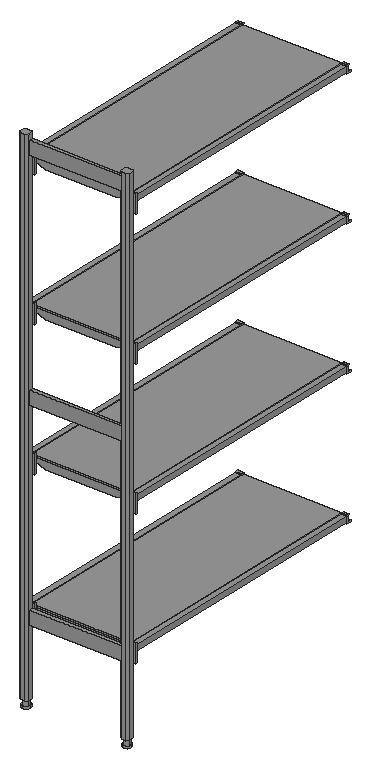
Revit family "QF_ZANUSSI_137052_ACS918", category Attrezzature speciali, Revit 2020
Family settings
  Quota connettore circolare = Usa diametro
  Tipo di parte = Normale
  Basato su piano di lavoro = No
  Sempre verticale = Sì
  Taglio con vuoti quando caricato = No
  Condiviso = No
  Punto di calcolo locali = No
Parameters (values of type "Standard")
  Weight = 15.00 kg
  Watts = 0 W
  Volts = 0 V
  URL Manufacturer = "http://www.zanussiprofessional.com"
  URL = "http://www.zanussiprofessional.com"
  Steam Supply Size = 0 mm
  Steam Supply Minimum Pressure = 0.0 Pa
  Steam Supply Maximum Pressure = 0.0 Pa
  Steam Consumption per Hour = 0
  Refrigeration Suction Line Size = 0.0 mm
  Refrigeration Liquid Line Size = 0.0 mm
  Refrigerant Compressor Remote = yes
  Prospetto di default = 0.0 mm
  Phase = 0
  Modello = "ACS918"
  Produttore = "Zanussi"
  Length Actual = 922.0 mm  # constant formula
  Item Number = "137052"
  Hot Water Size = 0 mm
  Height Actual = 1700.0 mm  # constant formula
  HP = "0 HP"
  Gas Size = 0 mm
  Gas KW = 0
  Gas Input Pressure = 0 W
  Direct Waste Size = 0 mm
  Descrizione = "ALUM.CORNER SHELV.-POLY.TIERS-373X922MM"
  Depth Actual = 373.0 mm  # constant formula
  Cycle = 0 Hz
  Condensate Return Size = 0 mm
  Compressed Air Volume = 0.0 L/s
  Compressed Air Size = 0 mm
  Compressed Air Pressure = 0.0 Pa
  Cold Water Size = 0 mm
  Accessory = yes
Reference planes
  plane 1: z = 0
  plane 2 "Center (F/B)": y = -163.5
  plane 3 "Front": y = -549.5
  plane 4 "Left": x = -217.5
  plane 5 "Right": x = 155.5
  plane 6 "TOP": z = 1700
  plane 7: y = -517.5
  plane 8: y = 368.5
  plane 9 "Center (Left/Right)": x = -31
  plane 10: y = 363.5
  plane 11: x = -186
  plane 12: x = 124
  plane 13 "FEET": z = 25
  plane 14: z = 275
  plane 15: z = 725
  plane 16: z = 1175
  plane 17: z = 1625
  plane 18 "CXLeft": y = -535.5
  plane 19: x = -200
  plane 20 "CYBack": x = -200
  plane 21 "CYFront": x = 138
  plane 22 "Back": y = 372.5
  plane 23 "LEFT_ORIGIN": x = -251.5
  plane 24 "BACK_Origin": y = 745.5
Forms (mm)
  Extrusion 1, solid, material "QF_Aluminum"
    sketch origin (0, -549.5, 0) x (-1, 0, 0) y (0, 0, 1)
      loop
        line (198.5, 1650.994) -> (198.5, 1632.998) -> (217.5, 1632.998) -> (217.5, 1650.994) -> (198.5, 1650.994)
      loop
        line (-136.5, 1650.994) -> (-155.5, 1650.994) -> (-155.5, 1632.998) -> (-136.5, 1632.998) -> (-136.5, 1650.994)
      loop
        line (198.5, 1200.994) -> (198.5, 1182.998) -> (217.5, 1182.998) -> (217.5, 1200.994) -> (198.5, 1200.994)
      loop
        line (-136.5, 1200.994) -> (-155.5, 1200.994) -> (-155.5, 1182.998) -> (-136.5, 1182.998) -> (-136.5, 1200.994)
      loop
        line (198.5, 750.994) -> (198.5, 732.998) -> (217.5, 732.998) -> (217.5, 750.994) -> (198.5, 750.994)
      loop
        line (-136.5, 750.994) -> (-155.5, 750.994) -> (-155.5, 732.998) -> (-136.5, 732.998) -> (-136.5, 750.994)
      loop
        line (198.5, 300.994) -> (198.5, 282.998) -> (217.5, 282.998) -> (217.5, 300.994) -> (198.5, 300.994)
      loop
        line (-136.5, 300.994) -> (-155.5, 300.994) -> (-155.5, 282.998) -> (-136.5, 282.998) -> (-136.5, 300.994)
    from 32 to 918
  Extrusion 2, solid, material "QF_Polyethylene"
    sketch origin (0, -549.5, 0) x (-1, 0, 0) y (0, 0, 1)
      loop
        line (196.507, 1650.994) -> (-134.5, 1650.994) -> (-134.5, 1644.496) -> (196.507, 1644.496) -> (196.507, 1650.994)
      loop
        line (196.507, 1200.994) -> (-134.5, 1200.994) -> (-134.5, 1194.496) -> (196.507, 1194.496) -> (196.507, 1200.994)
      loop
        line (196.507, 750.994) -> (-134.5, 750.994) -> (-134.5, 744.496) -> (196.507, 744.496) -> (196.507, 750.994)
      loop
        line (196.507, 300.994) -> (-134.5, 300.994) -> (-134.5, 294.496) -> (196.507, 294.496) -> (196.507, 300.994)
    from 32 to 918
Lines and regions (mm)
  symbolic lines
    curve 1: line (-198.5, 368.5, 1700) -> (-198.5, -517.5, 1700)
    curve 2: line (-217.5, -521.5, 1700) -> (-217.5, 368.5, 1700)
    curve 3: line (155.5, -521.5, 1700) -> (155.5, 368.5, 1700)
    curve 4: line (-181.507, -517.5, 1700) -> (119.507, -517.5, 1700)
    curve 5: line (136.5, -517.5, 1700) -> (136.5, 368.5, 1700)
    curve 6: line (-198.5, 368.5, 1700) -> (136.5, 368.5, 1700)
Dimensions and locks
  plane 3 "Front" to plane 2 "Center (F/B)" = 386.0 mm
  locked: plane 6 "TOP" to level at 1700
  locked: plane 4 "Left" to plane 5 "Right" at 373
  locked: plane 7 to plane 8 at 886
  locked: plane 3 "Front" to plane 7 at 32
  plane 10 to plane 8 = 5.0 mm
  locked: plane 11 to plane 12 at 310
  equal spacing: plane 11, plane 9 "Center (Left/Right)", plane 12
  equal spacing: plane 4 "Left", plane 9 "Center (Left/Right)", plane 5 "Right"
  plane 13 "FEET" to level = 25.0 mm
  plane 6 "TOP" to plane 13 "FEET" = 1675.0 mm
  plane 14 to plane 13 "FEET" = 250.0 mm
  plane 15 to plane 14 = 450.0 mm
  plane 16 to plane 15 = 450.0 mm
  plane 17 to plane 16 = 450.0 mm
  locked: plane 3 "Front" to plane 18 "CXLeft" at 14
  locked: plane 3 "Front" to plane 22 "Back" at 922
  plane 23 "LEFT_ORIGIN" to plane 5 "Right" = 407.0 mm
  locked: plane 22 "Back" to plane 24 "BACK_Origin" at 373
  aligned and locked: level to plane 1
  aligned and locked: Extrusion 2 to plane 7
  aligned and locked: plane 8 to Extrusion 2
  aligned and locked: Extrusion 1 to plane 7
  aligned and locked: plane 8 to Extrusion 1
  aligned and locked: Extrusion 1 sketch curve to Extrusion 1 sketch curve  (x2)
  aligned and locked: nested 1 to plane 18 "CXLeft"
  aligned and locked: nested 2 to plane 10
Automatic sketch dimensions
  curve 2 to plane 4 "Left" = 0.0 mm
  curve 3 to plane 5 "Right" = 0.0 mm
  plane 7 to curve 1 = 0.0 mm
  plane 7 to curve 4 = 0.0 mm
  plane 7 to curve 5 = 0.0 mm
  plane 8 to curve 2 = 0.0 mm
  plane 8 to curve 1 = 0.0 mm
  plane 8 to curve 3 = 0.0 mm
  plane 21 "CYFront" to curve 5 = 1.5 mm
  plane 19 to curve 6 = 1.5 mm
  plane 7 to curve 3 = 4.0 mm
  plane 7 to curve 2 = 4.0 mm
  plane 12 to curve 4 = 4.493 mm
  curve 4 to plane 11 = 4.493 mm
  plane 5 "Right" to Extrusion 1 sketch curve = 0.0 mm  (x4)
  plane 4 "Left" to Extrusion 1 sketch curve = 0.0 mm  (x4)
  plane 21 "CYFront" to Extrusion 1 sketch curve = 1.5 mm  (x2)
  plane 19 to Extrusion 1 sketch curve = 1.5 mm  (x4)
  plane 14 to Extrusion 1 sketch curve = 7.998 mm  (x2)
  Extrusion 1 sketch curve to Extrusion 1 sketch curve = 17.997 mm  (x8)
  plane 15 to Extrusion 1 sketch curve = 7.998 mm  (x2)
  plane 16 to Extrusion 1 sketch curve = 7.998 mm  (x2)
  plane 17 to Extrusion 1 sketch curve = 7.998 mm  (x2)
  plane 21 "CYFront" to Extrusion 2 sketch curve = 3.5 mm  (x4)
  plane 19 to Extrusion 2 sketch curve = 3.493 mm  (x4)
  plane 14 to Extrusion 2 sketch curve = 19.496 mm
  Extrusion 2 sketch curve to Extrusion 2 sketch curve = 6.499 mm  (x4)
  plane 15 to Extrusion 2 sketch curve = 19.496 mm
  plane 16 to Extrusion 2 sketch curve = 19.496 mm
  plane 17 to Extrusion 2 sketch curve = 19.496 mm
Nested families
  nested 1: "WT_Anta373" at (-194.5, -132.5, 0) x (0, 1, 0) z (0, 0, 1), type "WT_Anta373"
  nested 2: "WT_Aggancio373" at (-194.5, 780.5, 0) x (0, 1, 0) z (0, 0, 1), type "WT_Aggancio373"
Definition of nested family "WT_Anta373"
  Parameters
    WidthLeft = A + 64.0 mm  # 772.0 mm
    Width = 1606.0 mm
    Right = WidthLeft / 2  # 386.0 mm
    Default Elevation = 0.0 mm
    Left = -WidthLeft / 2  # -386.0 mm
    Height = 1725.0 mm
    FEET = 25.0 mm
    E = 0.0 mm
    Dint = Depth - 63.0 mm  # 310.0 mm
    Dext = Depth - 8.0 mm  # 365.0 mm
    Depth = 373.0 mm
    DX = (WidthLeft - A) / 2  # 32.0 mm
    B = 798.0 mm
    A = 708.0 mm
  Reference planes
    plane 1: z = 0
    plane 2 "LEFT": x = -417
    plane 3 "BACK": y = 23
    plane 4 "FRONT": y = -350
    plane 5 "TOP": z = 1725
    plane 6 "Center (Front/Back)": y = -163.5
    plane 7: y = -8.5
    plane 8: y = -318.5
    plane 9 "FEET": z = 25
    plane 10: z = 275
    plane 11: z = 725
    plane 12: z = 1175
    plane 13: z = 1625
    plane 14 "CXLeft": x = -403
    plane 15: y = 5.5
    plane 16 "CYBack": y = 5.5
    plane 17 "CYFront": y = -332.5
    plane 18: x = -385.031
    plane 19: x = -380.031
  Forms (mm)
    Extrusion 1, solid
      sketch origin (0, 0, 0) x (1, 0, 0) y (0, 1, 0)
        loop
          line (-417, 13.246) -> (-417, -2.246) -> (-410.746, -8.5) -> (-395.254, -8.5) -> (-389, -2.246) -> (-389, 13.246) -> (-395.254, 19.5) -> (-410.746, 19.5) -> (-417, 13.246)
      from 1725 to 25
    Extrusion 2, solid
      sketch origin (-417, 0, 0) x (0, 1, 0) y (0, 0, 1)
        loop
          line (23, 246.005) -> (23, 307.993) -> (-12.993, 307.993) -> (-12.993, 246.005) -> (23, 246.005)
        loop
          line (-350, 246.005) -> (-314.007, 246.005) -> (-314.007, 307.993) -> (-350, 307.993) -> (-350, 246.005)
        loop
          line (23, 696.005) -> (23, 757.993) -> (-12.993, 757.993) -> (-12.993, 696.005) -> (23, 696.005)
        loop
          line (-350, 696.005) -> (-314.007, 696.005) -> (-314.007, 757.993) -> (-350, 757.993) -> (-350, 696.005)
        loop
          line (23, 1146.005) -> (23, 1207.993) -> (-12.993, 1207.993) -> (-12.993, 1146.005) -> (23, 1146.005)
        loop
          line (-350, 1146.005) -> (-314.007, 1146.005) -> (-314.007, 1207.993) -> (-350, 1207.993) -> (-350, 1146.005)
        loop
          line (23, 1596.005) -> (23, 1657.993) -> (-12.993, 1657.993) -> (-12.993, 1596.005) -> (23, 1596.005)
        loop
          line (-350, 1596.005) -> (-314.007, 1596.005) -> (-314.007, 1657.993) -> (-350, 1657.993) -> (-350, 1596.005)
      from 28 to 32
    Revolve 3, solid
      sketch origin (-403, 0, 0) x (0, 1, 0) y (0, 0, 1)
        loop
          line (5.5, 25) -> (5.5, 0) -> (19, 0) -> (19, 5) -> (14, 5) -> (14, 25) -> (5.5, 25)
        axis (5.5, 25) -> (5.5, 0)
      angle from 0 to 360
    Extrusion 4, solid
      sketch origin (-403, 0, 0) x (0, 1, 0) y (0, 0, 1)
        loop
          line (-8.5, 912.382) -> (-8.5, 957.374) -> (-318.5, 957.374) -> (-318.5, 912.382) -> (-8.5, 912.382)
        loop
          line (-8.5, 1662.244) -> (-8.5, 1707.236) -> (-318.5, 1707.236) -> (-318.5, 1662.244) -> (-8.5, 1662.244)
      from -5 to 5
    Revolve 5, solid
      sketch origin (-403, -627, 0) x (0, -1, 0) y (0, 0, 1)
        loop
          line (-294.5, 25) -> (-294.5, 0) -> (-281, 0) -> (-281, 5) -> (-286, 5) -> (-286, 25) -> (-294.5, 25)
        axis (-294.5, 25) -> (-294.5, 0)
      angle from 0 to 360
    Extrusion 6, solid
      sketch origin (0, -627, 0) x (1, 0, 0) y (0, 1, 0)
        loop
          line (-417, 286.754) -> (-410.746, 280.5) -> (-395.254, 280.5) -> (-389, 286.754) -> (-389, 302.246) -> (-395.254, 308.5) -> (-410.746, 308.5) -> (-417, 302.246) -> (-417, 286.754)
      from 1725 to 25
    Extrusion 7, solid
      sketch origin (-417.031, -0.022, 0) x (0, 1, 0) y (0, 0, -1)
        loop
          line (-12, -1632.998) -> (-46, -1620.994) -> (-281, -1620.994) -> (-315, -1632.998) -> (-331, -1632.998) -> (-331, -1650.994) -> (-329, -1650.994) -> (-329, -1644.496) -> (2.007, -1644.496) -> (2.007, -1650.994) -> (4, -1650.994) -> (4, -1632.998) -> (-12, -1632.998)
        loop
          line (-12, -1182.998) -> (-46, -1170.994) -> (-281, -1170.994) -> (-315, -1182.998) -> (-331, -1182.998) -> (-331, -1200.994) -> (-329, -1200.994) -> (-329, -1194.496) -> (2.007, -1194.496) -> (2.007, -1200.994) -> (4, -1200.994) -> (4, -1182.998) -> (-12, -1182.998)
        loop
          line (-12, -732.998) -> (-46, -720.994) -> (-281, -720.994) -> (-315, -732.998) -> (-331, -732.998) -> (-331, -750.994) -> (-329, -750.994) -> (-329, -744.496) -> (2.007, -744.496) -> (2.007, -750.994) -> (4, -750.994) -> (4, -732.998) -> (-12, -732.998)
        loop
          line (-12, -282.998) -> (-46, -270.994) -> (-281, -270.994) -> (-315, -282.998) -> (-331, -282.998) -> (-331, -300.994) -> (-329, -300.994) -> (-329, -294.496) -> (2.007, -294.496) -> (2.007, -300.994) -> (4, -300.994) -> (4, -282.998) -> (-12, -282.998)
      from -32 to -37
    Extrusion 8, solid
      sketch origin (-403, 0, -659.878) x (0, 1, 0) y (0, 0, 1)
        loop
          line (-8.5, 912.382) -> (-8.5, 957.374) -> (-318.5, 957.374) -> (-318.5, 912.382) -> (-8.5, 912.382)
        loop
          line (-8.5, 1572.382) -> (-8.5, 1617.374) -> (-318.5, 1617.374) -> (-318.5, 1572.382) -> (-8.5, 1572.382)
        loop
          line (-8.5, 2322.382) -> (-8.5, 2367.374) -> (-318.5, 2367.374) -> (-318.5, 2322.382) -> (-8.5, 2322.382)
      from -5 to 5
  Lines and regions (mm)
    symbolic lines
      curve 1: line (-408, -8.5, 1725) -> (-408, -318.5, 1725)
      curve 2: line (-398, -318.5, 1725) -> (-398, -8.5, 1725)
      curve 3: line (-395.254, -8.5, 1725) -> (-410.746, -8.5, 1725)
      curve 4: line (-417, -2.246, 1725) -> (-410.746, -8.5, 1725)
      curve 5: line (-417, 13.246, 1725) -> (-417, -2.246, 1725)
      curve 6: line (-410.746, 19.5, 1725) -> (-417, 13.246, 1725)
      curve 7: line (-395.254, 19.5, 1725) -> (-410.746, 19.5, 1725)
      curve 8: line (-389, 13.246, 1725) -> (-395.254, 19.5, 1725)
      curve 9: line (-395.254, -8.5, 1725) -> (-389, -2.246, 1725)
      curve 10: line (-395.254, -318.5, 1725) -> (-410.746, -318.5, 1725)
      curve 11: line (-417, -324.754, 1725) -> (-410.746, -318.5, 1725)
      curve 12: line (-410.746, -346.5, 1725) -> (-417, -340.246, 1725)
      curve 13: line (-395.254, -346.5, 1725) -> (-410.746, -346.5, 1725)
      curve 14: line (-389, -340.246, 1725) -> (-395.254, -346.5, 1725)
      curve 15: line (-395.254, -318.5, 1725) -> (-389, -324.754, 1725)
      curve 16: line (-389, -350, 1725) -> (-389, -314.007, 1725)
      curve 17: line (-389, -314.007, 1725) -> (-385, -314.007, 1725)
      curve 18: line (-389, 23, 1725) -> (-389, -12.993, 1725)
      curve 19: line (-389, -12.993, 1725) -> (-385, -12.993, 1725)
      curve 20: line (-417, -324.754, 1725) -> (-417, -340.246, 1725)
      curve 21: line (-385, -350, 1725) -> (-385, -314.007, 1725)
      curve 22: line (-385, -350, 1725) -> (-389, -350, 1725)
      curve 23: line (-385, 23, 1725) -> (-389, 23, 1725)
      curve 24: line (-385, -12.993, 1725) -> (-385, 23, 1725)
      curve 25: line (-385.031, -13.016, 1725) -> (-385.031, -314.029, 1725)
  Dimensions and locks
    "Height": plane 5 "TOP" to level
    "Depth": plane 3 "BACK" to plane 4 "FRONT"
    "Dint": plane 7 to plane 8
    equal spacing: plane 7, plane 6 "Center (Front/Back)", plane 8
    equal spacing: plane 3 "BACK", plane 6 "Center (Front/Back)", plane 4 "FRONT"
    plane 9 "FEET" to level = 25.0 mm
    plane 5 "TOP" to plane 9 "FEET" = 1700.0 mm
    plane 10 to plane 9 "FEET" = 250.0 mm
    plane 11 to plane 10 = 450.0 mm
    plane 12 to plane 11 = 450.0 mm
    plane 13 to plane 12 = 450.0 mm
    locked: plane 2 "LEFT" to plane 14 "CXLeft" at 14
    locked: plane 3 "BACK" to plane 16 "CYBack" at 17.5
    locked: plane 17 "CYFront" to plane 4 "FRONT" at 17.5
    locked: Revolve 3 sketch curve to Revolve 3 sketch curve at 8.5
    locked: Revolve 3 sketch curve to plane 16 "CYBack" at 13.5
    locked: Revolve 5 sketch curve to Revolve 5 sketch curve at 8.5
    aligned and locked: level to plane 1
    aligned and locked: curve 20 to Extrusion 6
    aligned and locked: plane 5 "TOP" to Extrusion 1
    aligned and locked: plane 5 "TOP" to Extrusion 6
    aligned and locked: Extrusion 7 sketch curve to Extrusion 7 sketch curve  (x3)
  Automatic sketch dimensions
    curve 16 to plane 4 "FRONT" = 0.0 mm
    curve 11 to plane 8 = 0.0 mm
    curve 9 to plane 7 = 0.0 mm
    curve 5 to plane 2 "LEFT" = 0.0 mm
    curve 23 to plane 3 "BACK" = 0.0 mm
    plane 4 "FRONT" to curve 13 = 3.5 mm
    curve 20 to plane 17 "CYFront" = 7.746 mm
    curve 20 to plane 8 = 6.254 mm
    plane 8 to curve 16 = 4.493 mm
    curve 24 to plane 18 = 0.031 mm
    curve 24 to plane 7 = 4.493 mm
    plane 7 to curve 5 = 6.254 mm
    curve 5 to plane 15 = 7.746 mm
    curve 6 to plane 3 "BACK" = 3.5 mm
    curve 21 to plane 18 = 0.031 mm
    plane 18 to curve 23 = 3.969 mm
    plane 18 to curve 16 = 3.969 mm
    curve 18 to curve 8 = 6.254 mm
    curve 18 to curve 3 = 6.254 mm
    curve 16 to curve 13 = 6.254 mm
    curve 16 to curve 15 = 6.254 mm
    plane 2 "LEFT" to curve 10 = 6.254 mm
    plane 2 "LEFT" to curve 7 = 6.254 mm
    plane 2 "LEFT" to curve 12 = 6.254 mm
    plane 2 "LEFT" to curve 3 = 6.254 mm
    curve 14 to plane 17 "CYFront" = 7.746 mm
    curve 15 to plane 8 = 6.254 mm
    plane 7 to curve 9 = 6.254 mm
    curve 8 to plane 15 = 7.746 mm
    curve 3 to curve 2 = 2.746 mm
    curve 1 to curve 10 = 2.746 mm
    Extrusion 1 sketch curve to plane 2 "LEFT" = 0.0 mm
    Extrusion 1 sketch curve to plane 7 = 0.0 mm
    plane 2 "LEFT" to Extrusion 1 sketch curve = 6.254 mm  (x2)
    plane 14 "CXLeft" to Extrusion 1 sketch curve = 7.746 mm  (x2)
    Extrusion 1 sketch curve to plane 3 "BACK" = 3.5 mm
    plane 18 to Extrusion 1 sketch curve = 3.969 mm
    plane 7 to Extrusion 1 sketch curve = 6.254 mm  (x2)
    Extrusion 1 sketch curve to plane 15 = 7.746 mm  (x2)
    Extrusion 2 sketch curve to plane 4 "FRONT" = 0.0 mm  (x4)
    Extrusion 2 sketch curve to plane 3 "BACK" = 0.0 mm  (x4)
    plane 8 to Extrusion 2 sketch curve = 4.493 mm  (x4)
    Extrusion 2 sketch curve to plane 7 = 4.493 mm  (x4)
    Extrusion 2 sketch curve to plane 10 = 28.995 mm  (x2)
    plane 10 to Extrusion 2 sketch curve = 32.993 mm  (x2)
    Extrusion 2 sketch curve to plane 11 = 28.995 mm  (x2)
    plane 11 to Extrusion 2 sketch curve = 32.993 mm  (x2)
    Extrusion 2 sketch curve to plane 12 = 28.995 mm  (x2)
    plane 12 to Extrusion 2 sketch curve = 32.993 mm  (x2)
    Extrusion 2 sketch curve to plane 13 = 28.995 mm  (x2)
    plane 13 to Extrusion 2 sketch curve = 32.993 mm  (x2)
    Revolve 3 sketch curve to plane 9 "FEET" = 0.0 mm  (x2)
    Revolve 3 sketch curve to plane 15 = 0.0 mm  (x2)
    Revolve 3 sketch curve to level = 0.0 mm
    level to Revolve 3 sketch curve = 5.0 mm
    Revolve 3 sketch curve to Revolve 3 sketch curve = 11.655 mm
    Extrusion 4 sketch curve to plane 8 = 0.0 mm  (x2)
    Extrusion 4 sketch curve to plane 7 = 0.0 mm  (x2)
    plane 11 to Extrusion 4 sketch curve = 187.382 mm
    Extrusion 4 sketch curve to Extrusion 4 sketch curve = 44.992 mm
    plane 13 to Extrusion 4 sketch curve = 37.244 mm
    Extrusion 4 sketch curve to plane 5 "TOP" = 17.764 mm
    Revolve 5 sketch curve to plane 9 "FEET" = 0.0 mm  (x2)
    Revolve 5 sketch curve to plane 17 "CYFront" = 0.0 mm  (x2)
    Revolve 5 sketch curve to level = 0.0 mm
    Revolve 5 sketch curve to plane 4 "FRONT" = 4.0 mm
    Revolve 5 sketch curve to Revolve 5 sketch curve = 5.0 mm
    level to Revolve 5 sketch curve = 11.655 mm
    Extrusion 6 sketch curve to plane 2 "LEFT" = 0.0 mm
    Extrusion 6 sketch curve to plane 8 = 0.0 mm
    Extrusion 6 sketch curve to plane 2 "LEFT" = 6.254 mm  (x2)
    Extrusion 6 sketch curve to plane 14 "CXLeft" = 7.746 mm  (x2)
    Extrusion 6 sketch curve to plane 4 "FRONT" = 3.5 mm
    Extrusion 6 sketch curve to plane 18 = 3.969 mm
    plane 8 to Extrusion 6 sketch curve = 6.254 mm  (x2)
    plane 17 "CYFront" to Extrusion 6 sketch curve = 7.746 mm  (x2)
    plane 17 "CYFront" to Extrusion 7 sketch curve = 1.478 mm  (x4)
    Extrusion 7 sketch curve to Extrusion 7 sketch curve = 2.0 mm
    plane 8 to Extrusion 7 sketch curve = 3.478 mm  (x4)
    Extrusion 7 sketch curve to plane 10 = 4.006 mm
    Extrusion 7 sketch curve to Extrusion 7 sketch curve = 34.0 mm  (x4)
    Extrusion 7 sketch curve to plane 11 = 4.006 mm
    Extrusion 7 sketch curve to plane 12 = 4.006 mm
    Extrusion 7 sketch curve to plane 13 = 4.006 mm
    Extrusion 7 sketch curve to plane 7 = 37.522 mm  (x4)
    Extrusion 7 sketch curve to plane 7 = 3.522 mm  (x4)
    plane 15 to Extrusion 7 sketch curve = 3.516 mm  (x4)
    plane 15 to Extrusion 7 sketch curve = 1.522 mm  (x4)
    plane 13 to Extrusion 7 sketch curve = 7.998 mm  (x2)
    Extrusion 7 sketch curve to Extrusion 7 sketch curve = 11.498 mm
    Extrusion 7 sketch curve to Extrusion 7 sketch curve = 6.499 mm  (x5)
    plane 12 to Extrusion 7 sketch curve = 25.994 mm  (x2)
    plane 12 to Extrusion 7 sketch curve = 7.998 mm  (x2)
    plane 11 to Extrusion 7 sketch curve = 25.994 mm  (x2)
    plane 11 to Extrusion 7 sketch curve = 7.998 mm  (x2)
    plane 10 to Extrusion 7 sketch curve = 25.994 mm  (x2)
    plane 10 to Extrusion 7 sketch curve = 7.998 mm  (x2)
    curve 25 to plane 18 = 0.0 mm
    plane 8 to curve 25 = 4.471 mm
    curve 25 to plane 7 = 4.516 mm
    Extrusion 8 sketch curve to plane 8 = 0.0 mm  (x3)
    Extrusion 8 sketch curve to plane 7 = 0.0 mm  (x3)
    Extrusion 8 sketch curve to plane 10 = 22.496 mm
    plane 10 to Extrusion 8 sketch curve = 22.496 mm
    plane 11 to Extrusion 8 sketch curve = 187.504 mm
    Extrusion 8 sketch curve to Extrusion 8 sketch curve = 44.992 mm
    plane 13 to Extrusion 8 sketch curve = 37.504 mm
    Extrusion 8 sketch curve to plane 5 "TOP" = 17.504 mm
Definition of nested family "WT_Aggancio373"
  Parameters
    WidthLeft = A + 64.0 mm  # 772.0 mm
    Width = 1606.0 mm
    Right = WidthLeft / 2  # 386.0 mm
    Default Elevation = 0.0 mm
    Left = -WidthLeft / 2  # -386.0 mm
    Height = 1725.0 mm
    FEET = 25.0 mm
    E = 0.0 mm
    Dint = Depth - 63.0 mm  # 310.0 mm
    Dext = Depth - 8.0 mm  # 365.0 mm
    Depth = 373.0 mm
    DX = (WidthLeft - A) / 2  # 32.0 mm
    B = 798.0 mm
    A = 708.0 mm
  Reference planes
    plane 1: z = 0
    plane 2 "LEFT": x = -417
    plane 3 "BACK": y = 23
    plane 4 "FRONT": y = -350
    plane 5 "TOP": z = 1725
    plane 6 "Center (Front/Back)": y = -163.5
    plane 7: y = -8.5
    plane 8: y = -318.5
    plane 9 "FEET": z = 25
    plane 10: z = 275
    plane 11: z = 725
    plane 12: z = 1175
    plane 13: z = 1625
    plane 14: y = 5.5
    plane 15 "CYBack": y = 5.5
    plane 16 "CYFront": y = -332.5
  Forms (mm)
    Extrusion 1, solid
      sketch origin (-380, -0.022, 0) x (0, 1, 0) y (0, 0, 1)
        loop
          line (-12, 1632.998) -> (4, 1632.998) -> (4, 1650.994) -> (2.007, 1650.994) -> (2.007, 1644.496) -> (-329, 1644.496) -> (-329, 1650.994) -> (-331, 1650.994) -> (-331, 1632.998) -> (-315, 1632.998) -> (-281, 1620.994) -> (-46, 1620.994) -> (-12, 1632.998)
        loop
          line (-12, 1182.998) -> (4, 1182.998) -> (4, 1200.994) -> (2.007, 1200.994) -> (2.007, 1194.496) -> (-329, 1194.496) -> (-329, 1200.994) -> (-331, 1200.994) -> (-331, 1182.998) -> (-315, 1182.998) -> (-281, 1170.994) -> (-46, 1170.994) -> (-12, 1182.998)
        loop
          line (-12, 732.998) -> (4, 732.998) -> (4, 750.994) -> (2.007, 750.994) -> (2.007, 744.496) -> (-329, 744.496) -> (-329, 750.994) -> (-331, 750.994) -> (-331, 732.998) -> (-315, 732.998) -> (-281, 720.994) -> (-46, 720.994) -> (-12, 732.998)
        loop
          line (-12, 282.998) -> (4, 282.998) -> (4, 300.994) -> (2.007, 300.994) -> (2.007, 294.496) -> (-329, 294.496) -> (-329, 300.994) -> (-331, 300.994) -> (-331, 282.998) -> (-315, 282.998) -> (-281, 270.994) -> (-46, 270.994) -> (-12, 282.998)
      from -32 to -37
    Extrusion 2, solid
      sketch origin (-793.062, -324.754, 6.5) x (1, 0, 0) y (0, 0, 1)
        loop
          line (385.062, 1644.496) -> (385.062, 1647.496) -> (376.062, 1647.496) -> (376.062, 1620.994) -> (390.031, 1620.994) -> (390.031, 1626.496) -> (381.062, 1626.496) -> (381.062, 1644.496) -> (385.062, 1644.496)
        loop
          line (385.062, 1194.496) -> (385.062, 1197.496) -> (376.062, 1197.496) -> (376.062, 1170.994) -> (390.031, 1170.994) -> (390.031, 1176.496) -> (381.062, 1176.496) -> (381.062, 1194.496) -> (385.062, 1194.496)
        loop
          line (385.062, 744.496) -> (385.062, 747.496) -> (376.062, 747.496) -> (376.062, 720.994) -> (390.031, 720.994) -> (390.031, 726.496) -> (381.062, 726.496) -> (381.062, 744.496) -> (385.062, 744.496)
        loop
          line (385.062, 294.496) -> (385.062, 297.496) -> (376.062, 297.496) -> (376.062, 270.994) -> (390.031, 270.994) -> (390.031, 276.496) -> (381.062, 276.496) -> (381.062, 294.496) -> (385.062, 294.496)
      from 6.268 to 25.246
    Extrusion 3, solid
      sketch origin (-793.062, 32.754, 6.5) x (1, 0, 0) y (0, 0, 1)
        loop
          line (385.062, 1644.496) -> (385.062, 1647.496) -> (376.062, 1647.496) -> (376.062, 1620.994) -> (390.031, 1620.994) -> (390.031, 1626.496) -> (381.062, 1626.496) -> (381.062, 1644.496) -> (385.062, 1644.496)
        loop
          line (385.062, 1194.496) -> (385.062, 1197.496) -> (376.062, 1197.496) -> (376.062, 1170.994) -> (390.031, 1170.994) -> (390.031, 1176.496) -> (381.062, 1176.496) -> (381.062, 1194.496) -> (385.062, 1194.496)
        loop
          line (385.062, 744.496) -> (385.062, 747.496) -> (376.062, 747.496) -> (376.062, 720.994) -> (390.031, 720.994) -> (390.031, 726.496) -> (381.062, 726.496) -> (381.062, 744.496) -> (385.062, 744.496)
        loop
          line (385.062, 294.496) -> (385.062, 297.496) -> (376.062, 297.496) -> (376.062, 270.994) -> (390.031, 270.994) -> (390.031, 276.496) -> (381.062, 276.496) -> (381.062, 294.496) -> (385.062, 294.496)
      from 9.754 to 28.776
  Lines and regions (mm)
    symbolic lines
      curve 1: line (-412, -350, 0) -> (-408, -350, 0)
      curve 2: line (-412, -331.022, 0) -> (-412, -350, 0)
      curve 3: line (-408, -331.022, 0) -> (-412, -331.022, 0)
      curve 4: line (-408, -350, 0) -> (-408, -331.022, 0)
      curve 5: line (-412, 3.978, 0) -> (-408, 3.978, 0)
      curve 6: line (-412, 23, 0) -> (-412, 3.978, 0)
      curve 7: line (-408, 23, 0) -> (-412, 23, 0)
      curve 8: line (-408, 3.978, 0) -> (-408, 23, 0)
  Dimensions and locks
    "Height": plane 5 "TOP" to level
    "Depth": plane 3 "BACK" to plane 4 "FRONT"
    "Dint": plane 7 to plane 8
    equal spacing: plane 7, plane 6 "Center (Front/Back)", plane 8
    equal spacing: plane 3 "BACK", plane 6 "Center (Front/Back)", plane 4 "FRONT"
    plane 9 "FEET" to level = 25.0 mm
    plane 5 "TOP" to plane 9 "FEET" = 1700.0 mm
    plane 10 to plane 9 "FEET" = 250.0 mm
    plane 11 to plane 10 = 450.0 mm
    plane 12 to plane 11 = 450.0 mm
    plane 13 to plane 12 = 450.0 mm
    locked: plane 3 "BACK" to plane 15 "CYBack" at 17.5
    locked: plane 16 "CYFront" to plane 4 "FRONT" at 17.5
    aligned and locked: level to plane 1
    aligned and locked: Extrusion 1 sketch curve to Extrusion 1 sketch curve  (x3)
  Automatic sketch dimensions
    plane 16 "CYFront" to Extrusion 1 sketch curve = 1.478 mm  (x4)
    Extrusion 1 sketch curve to Extrusion 1 sketch curve = 2.0 mm
    plane 8 to Extrusion 1 sketch curve = 3.478 mm  (x4)
    Extrusion 1 sketch curve to plane 10 = 4.006 mm
    Extrusion 1 sketch curve to Extrusion 1 sketch curve = 34.0 mm  (x4)
    Extrusion 1 sketch curve to plane 11 = 4.006 mm
    Extrusion 1 sketch curve to plane 12 = 4.006 mm
    Extrusion 1 sketch curve to plane 13 = 4.006 mm
    Extrusion 1 sketch curve to plane 7 = 37.522 mm  (x4)
    Extrusion 1 sketch curve to plane 7 = 3.522 mm  (x4)
    plane 14 to Extrusion 1 sketch curve = 3.516 mm  (x4)
    plane 14 to Extrusion 1 sketch curve = 1.522 mm  (x4)
    plane 10 to Extrusion 1 sketch curve = 7.998 mm  (x2)
    Extrusion 1 sketch curve to Extrusion 1 sketch curve = 11.498 mm  (x4)
    Extrusion 1 sketch curve to Extrusion 1 sketch curve = 6.499 mm  (x8)
    plane 11 to Extrusion 1 sketch curve = 7.998 mm  (x2)
    plane 12 to Extrusion 1 sketch curve = 7.998 mm  (x2)
    plane 13 to Extrusion 1 sketch curve = 7.998 mm  (x2)
    plane 2 "LEFT" to Extrusion 2 sketch curve = 0.0 mm  (x4)
    plane 13 to Extrusion 2 sketch curve = 7.996 mm
    plane 11 to Extrusion 2 sketch curve = 7.996 mm
    Extrusion 2 sketch curve to Extrusion 2 sketch curve = 5.0 mm  (x4)
    plane 11 to Extrusion 2 sketch curve = 2.494 mm
    plane 10 to Extrusion 2 sketch curve = 28.996 mm
    Extrusion 2 sketch curve to Extrusion 2 sketch curve = 3.0 mm  (x4)
    plane 10 to Extrusion 2 sketch curve = 7.996 mm
    plane 10 to Extrusion 2 sketch curve = 2.494 mm
    Extrusion 2 sketch curve to Extrusion 2 sketch curve = 18.0 mm  (x3)
    plane 12 to Extrusion 2 sketch curve = 2.494 mm
    plane 12 to Extrusion 2 sketch curve = 7.996 mm
    plane 13 to Extrusion 2 sketch curve = 2.494 mm
    plane 2 "LEFT" to Extrusion 3 sketch curve = 0.0 mm  (x4)
    plane 13 to Extrusion 3 sketch curve = 7.996 mm
    plane 11 to Extrusion 3 sketch curve = 7.996 mm
    Extrusion 3 sketch curve to Extrusion 3 sketch curve = 5.0 mm  (x4)
    plane 11 to Extrusion 3 sketch curve = 2.494 mm
    plane 10 to Extrusion 3 sketch curve = 28.996 mm
    Extrusion 3 sketch curve to Extrusion 3 sketch curve = 3.0 mm  (x4)
    plane 10 to Extrusion 3 sketch curve = 7.996 mm
    plane 10 to Extrusion 3 sketch curve = 2.494 mm
    Extrusion 3 sketch curve to Extrusion 3 sketch curve = 18.0 mm  (x3)
    plane 12 to Extrusion 3 sketch curve = 2.494 mm
    plane 12 to Extrusion 3 sketch curve = 7.996 mm
    plane 13 to Extrusion 3 sketch curve = 2.494 mm
    plane 2 "LEFT" to curve 1 = 5.0 mm
    plane 2 "LEFT" to curve 7 = 5.0 mm
    curve 1 to plane 16 "CYFront" = 17.5 mm
    curve 3 to plane 8 = 12.522 mm
    plane 7 to curve 5 = 12.478 mm
    curve 7 to plane 14 = 17.5 mm
    curve 5 to curve 5 = 4.0 mm
    curve 1 to curve 4 = 4.0 mm
    Extrusion 2 sketch curve to Extrusion 2 sketch curve = 4.0 mm  (x4)
    Extrusion 2 sketch curve to Extrusion 2 sketch curve = 8.969 mm  (x4)
    Extrusion 3 sketch curve to Extrusion 3 sketch curve = 4.0 mm  (x4)
    Extrusion 3 sketch curve to Extrusion 3 sketch curve = 8.969 mm  (x4)
